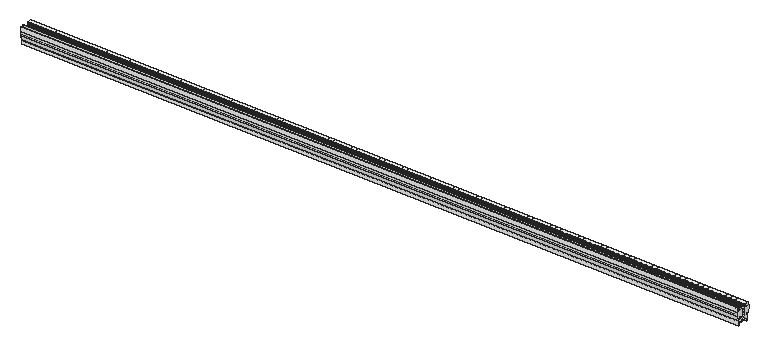
Revit family "2020762 Feilo Sylvania Lighting Fixtures LYTESPAN 3 2M TRACK WHITE", category Lighting Fixtures, host Face, Revit 2017
Family settings
  Host = Face
  Round Connector Dimension = Use Diameter
  Part Type = Normal
  OmniClass Number = 23.80.70.00
  OmniClass Title = Lighting
  Cut with Voids When Loaded = No
  Light Source = No
  Shared = No
  Room Calculation Point = No
Parameters (values of type "2020762 LYTESPAN 3 2M TRACK WHITE")
  _DistributedBy = "//www.feilosylvania.com/en-int/"
  _CurrentRevision = 1
  _CreatedBy = "http://www.feilosylvania.com/en-int/"
  _BimstoreBibleVersion = "15"
  _BimSpecGuid = 0
  _Author = "Viktoria Kollar"
  Weight = "2.362 kg"
  WarrantyStartDate [instance] = ""
  WarrantyGuarantorParts = "n/a"
  WarrantyDurationUnit = "n/a"
  WarrantyDurationParts = "n/a"
  WarrantyDescription = "n/a"
  URL = "http://www.sylvania-lighting.com"
  TypeName = "LYTESPAN 3 2M TRACK WHITE"
  Type Image = 2020760.jpg
  Type Comments = "n/a"
  TransformerRequired = yes
  SerialNumber [instance] = ""
  NominalLength = 2000 mm
  NominalHeight = 45 mm
  NominalDepth = 37 mm
  Name = "LYTESPAN 3 2M TRACK WHITE"
  NBSReference = "n/a"
  NBSOfficeMasterTag = "n/a"
  NBSObjectName = "n/a"
  NBSNote = "n/a"
  NBSDescription = "n/a"
  ModelReference = "LYTESPAN 3 2M TRACK WHITE"
  ModelNumber = "2020762"
  Model = "LYTESPAN 3 2M TRACK WHITE"
  ManufacturerName = "Feilo Sylvania"
  Manufacturer = "Feilo Sylvania"
  LuminaireType = ""
  Lamp = "LED"
  Keynote = "16500"
  InstallationDate [instance] = ""
  InputVoltage = "240V~"
  IfcExportType = "IfcLightFixtureType"
  IfcExportAs = "IfcLightFixtureType"
  Housing material = White aluminium
  ElectricShockClassification = "Class I"
  DocumentationLiterature = "http://www.sylvania-lighting.com/product/en-int/products/2020762"
  Description = "3 Circuit Track, compact venturi trunk profile, extruded aluminium body, suitable for surface mounting and suspending, (LxWxH) 2000x37x45mm, 1.85kg, White RAL 9016, Class 1, maximum installed load: 3x3680W (11040W), fuse: 3x16A, supply cable: 5 x 1.5mm², 400 VAC supply"
  Default Elevation = 0 mm
  CreatedOn = "14/11/2017"
  CreatedBy = ""
  Cost = 0
  Color = "Aluminium white"
  ClassificationValue = "EF_70_80"
  ClassificationName = "Uniclass2015"
  BarCode [instance] = ""
  BIMObjectName = "n/a"
  AssetType = "Fixed"
  AssetIdentifier [instance] = ""
  Assembly Code = "D5020200"
  Apparent Load = 0 VA
Reference planes
  plane 1 "Center (Front/Back)": y = 0
  plane 2: z = 0
  plane 3 "Center (Left/Right)": x = 0
  plane 4: x = -1000
  plane 5: x = 1000
  plane 6: z = 36.5
  plane 7: z = 18.5
  plane 8: z = 27.5
  plane 9: z = 30
  plane 10: z = 33
  plane 11: z = 45
  plane 12: z = 25
  plane 13: z = 22
  plane 14: y = 5.75
  plane 15: y = -5.75
  plane 16: y = 9.25
  plane 17: y = -9.25
  plane 18: y = 13.25
  plane 19: y = -13.25
  plane 20: y = -14.75
  plane 21: y = 14.75
  plane 22: y = 18.5
  plane 23: y = -18.5
  plane 24: z = 31
  plane 25: y = 16.55
  plane 26: y = -16.55
  plane 27: z = 38.7
  plane 28: y = 7
  plane 29: y = -7
  plane 30: z = 40.9
  plane 31: z = 43.1
Forms (mm)
  Extrusion 1, solid, material "White aluminium" <- "Housing material"
    sketch origin (0, 0, 45) x (0, 1, 0) y (0, 0, 1)
      loop
        line (14.75, -45) -> (14.75, -34.582) -> (16.616, -24) -> (18.5, -12) -> (18.5, 0) -> (7, 0) -> (7, -1.9) -> (13.25, -1.9) -> (13.25, -4.1) -> (7, -4.1) -> (7, -6.3) -> (16.55, -6.3) -> (16.55, -14) -> (13.25, -14) -> (13.25, -12) -> (9.25, -8.5) -> (5.75, -8.5) -> (5.75, -12) -> (9.25, -12) -> (9.25, -15) -> (5.75, -15) -> (5.75, -20) -> (9.25, -20) -> (9.25, -23) -> (5.75, -23) -> (5.75, -26.5) -> (9.25, -26.5) -> (13.25, -23) -> (15.119, -23) -> (15.119, -24) -> (13.383, -33.848) -> (9.529, -33.848) -> (9.529, -30) -> (-4.255, -30) -> (-9.75, -33.848) -> (-13, -33.848) -> (-15.119, -23.803) -> (-15.119, -23) -> (-13.25, -23) -> (-9.25, -26.5) -> (-5.75, -26.5) -> (-5.75, -23) -> (-9.25, -23) -> (-9.25, -20) -> (-5.75, -20) -> (-5.75, -15) -> (-9.25, -15) -> (-9.25, -12) -> (-5.75, -12) -> (-5.75, -8.5) -> (-9.25, -8.5) -> (-13.25, -12) -> (-13.25, -14) -> (-16.55, -14) -> (-16.55, -6.3) -> (-7, -6.3) -> (-7, 0) -> (-9.25, 0) -> (-9.25, -4.1) -> (-16.55, -4.1) -> (-16.55, 0) -> (-18.5, 0) -> (-18.5, -12) -> (-16.616, -24) -> (-14.75, -33.164) -> (-14.75, -45) -> (-13.25, -45) -> (-13.25, -35.764)
        arc (-13.25, -35.764) -> (-9.111, -38.754) -> (-4.329, -40.542) r 19.123
        line (-4.329, -40.542) -> (-4.329, -39.56)
        arc (-4.329, -39.56) -> (-7.777, -38.158) -> (-10.813, -36.003) r 16.148
        line (-10.813, -36.003) -> (-7.392, -36.003) -> (-3.107, -33) -> (7.392, -33) -> (7.392, -36.003) -> (10.813, -36.003)
        arc (10.813, -36.003) -> (7.777, -38.158) -> (4.329, -39.56) r 16.148
        line (4.329, -39.56) -> (4.329, -40.542)
        arc (4.329, -40.542) -> (9.111, -38.754) -> (13.25, -35.764) r 19.123
        line (13.25, -35.764) -> (13.25, -45) -> (14.75, -45)
    from -1000 to 1000
Dimensions and locks
  "NominalLength": plane 5 to plane 4
  equal spacing: plane 5, plane 3 "Center (Left/Right)", plane 4
  "NominalHeight": plane 11 to host face
  locked: plane 11 to plane 8 at 17.5
  locked: plane 6 to plane 7 at 18
  equal spacing: plane 6, plane 8, plane 7
  locked: plane 13 to plane 7 at 3.5
  locked: plane 6 to plane 10 at 3.5
  equal spacing: plane 9, plane 8, plane 12
  locked: plane 9 to plane 12 at 5
  equal spacing: plane 14, plane 1 "Center (Front/Back)", plane 15
  locked: plane 14 to plane 15 at 11.5
  equal spacing: plane 16, plane 1 "Center (Front/Back)", plane 17
  locked: plane 16 to plane 17 at 18.5
  equal spacing: plane 18, plane 1 "Center (Front/Back)", plane 19
  locked: plane 18 to plane 19 at 26.5
  "NominalDepth": plane 22 to plane 23
  aligned and locked: plane 2 to host face
  aligned and locked: level to host face
  aligned and locked: plane 6 to Extrusion 1  (x3)
  aligned and locked: plane 14 to Extrusion 1  (x3)
  aligned and locked: Extrusion 1 to plane 15  (x3)
  aligned and locked: Extrusion 1 to plane 10  (x2)
  aligned and locked: plane 9 to Extrusion 1  (x2)
  aligned and locked: Extrusion 1 to plane 12  (x2)
  aligned and locked: plane 13 to Extrusion 1  (x2)
  aligned and locked: Extrusion 1 to plane 7  (x2)
  aligned and locked: plane 18 to Extrusion 1
  aligned and locked: Extrusion 1 to plane 19
  aligned and locked: Extrusion 1 to plane 20
  aligned and locked: plane 21 to Extrusion 1
  aligned and locked: plane 25 to Extrusion 1
  aligned and locked: Extrusion 1 to plane 26
  aligned and locked: Extrusion 1 sketch curve to plane 27  (x2)
  aligned and locked: plane 26 to Extrusion 1 sketch curve
  aligned and locked: Extrusion 1 sketch curve to plane 26
  aligned and locked: Extrusion 1 sketch curve to plane 23
  aligned and locked: plane 11 to Extrusion 1 sketch curve  (x3)
  aligned and locked: plane 30 to Extrusion 1 sketch curve  (x2)
  aligned and locked: plane 17 to Extrusion 1 sketch curve
  aligned and locked: Extrusion 1 sketch curve to plane 29
  aligned and locked: plane 28 to Extrusion 1 sketch curve  (x2)
  aligned and locked: plane 18 to Extrusion 1 sketch curve
  aligned and locked: Extrusion 1 sketch curve to plane 31
  aligned and locked: Extrusion 1 sketch curve to plane 22
  aligned and locked: Extrusion 1 to plane 4
  aligned and locked: plane 5 to Extrusion 1
Automatic sketch dimensions
  host sketch curve to host sketch curve = 2438.4 mm  (x2)
  Extrusion 1 sketch curve to plane 24 = 0 mm  (x2)
  Extrusion 1 sketch curve to plane 13 = 0 mm  (x4)
  Extrusion 1 sketch curve to plane 20 = 0 mm
  Extrusion 1 sketch curve to plane 19 = 0 mm  (x3)
  Extrusion 1 sketch curve to plane 10 = 0 mm  (x6)
  Extrusion 1 sketch curve to level = 0 mm  (x2)
  Extrusion 1 sketch curve to plane 17 = 0 mm  (x4)
  Extrusion 1 sketch curve to plane 6 = 0 mm  (x2)
  Extrusion 1 sketch curve to plane 7 = 0 mm  (x2)
  Extrusion 1 sketch curve to plane 9 = 0 mm  (x2)
  Extrusion 1 sketch curve to plane 15 = 0 mm  (x3)
  Extrusion 1 sketch curve to plane 12 = 0 mm  (x2)
  Extrusion 1 sketch curve to plane 14 = 0 mm  (x3)
  Extrusion 1 sketch curve to plane 16 = 0 mm  (x4)
  Extrusion 1 sketch curve to plane 18 = 0 mm  (x3)
  Extrusion 1 sketch curve to plane 21 = 0 mm
  Extrusion 1 sketch curve to plane 25 = 0 mm
  Extrusion 1 sketch curve to plane 26 = 0.066 mm
  plane 20 to Extrusion 1 sketch curve = 0.369 mm
  plane 19 to Extrusion 1 sketch curve = 0.25 mm
  Extrusion 1 sketch curve to plane 17 = 1.563 mm
  Extrusion 1 sketch curve to plane 17 = 0.5 mm
  Extrusion 1 sketch curve to plane 29 = 0.392 mm
  plane 15 to Extrusion 1 sketch curve = 1.421 mm
  plane 15 to Extrusion 1 sketch curve = 1.495 mm
  plane 15 to Extrusion 1 sketch curve = 2.643 mm
  Extrusion 1 sketch curve to plane 1 "Center (Front/Back)" = 0.082 mm
  Extrusion 1 sketch curve to plane 1 "Center (Front/Back)" = 0.01 mm
  plane 1 "Center (Front/Back)" to Extrusion 1 sketch curve = 0.01 mm
  plane 1 "Center (Front/Back)" to Extrusion 1 sketch curve = 0.082 mm
  Extrusion 1 sketch curve to plane 14 = 1.421 mm
  plane 28 to Extrusion 1 sketch curve = 0.392 mm
  plane 16 to Extrusion 1 sketch curve = 0.279 mm
  plane 16 to Extrusion 1 sketch curve = 1.563 mm
  plane 18 to Extrusion 1 sketch curve = 0.133 mm
  Extrusion 1 sketch curve to plane 21 = 0.369 mm
  plane 25 to Extrusion 1 sketch curve = 0.066 mm
  Extrusion 1 sketch curve to plane 13 = 1.104 mm
  Extrusion 1 sketch curve to Extrusion 1 sketch curve = 0 mm  (x2)
  plane 13 to Extrusion 1 sketch curve = 0.803 mm
  plane 13 to Extrusion 1 sketch curve = 1 mm  (x4)
  plane 7 to Extrusion 1 sketch curve = 3.5 mm
  Extrusion 1 sketch curve to Extrusion 1 sketch curve = 3 mm
  plane 7 to Extrusion 1 sketch curve = 6.664 mm
  Extrusion 1 sketch curve to Extrusion 1 sketch curve = 0.684 mm
  Extrusion 1 sketch curve to Extrusion 1 sketch curve = 3.848 mm
  Extrusion 1 sketch curve to Extrusion 1 sketch curve = 0.734 mm
  Extrusion 1 sketch curve to Extrusion 1 sketch curve = 1.181 mm
  Extrusion 1 sketch curve to Extrusion 1 sketch curve = 1.916 mm
  Extrusion 1 sketch curve to Extrusion 1 sketch curve = 2.155 mm
  Extrusion 1 sketch curve to Extrusion 1 sketch curve = 0.24 mm
Connectors
  electrical at (0, 0, 0)
    settings: on host face, index 1, voltage 0 V, apparent load 0 VA, apparent load phase1 0 VA, apparent load phase2 0 VA, apparent load phase3 0 VA, power factor 1, load classification "Other", number of poles 1, system type 31, power factor state 1, is connector primary yes, connector utility no, sub classification motor no, connector description ""
